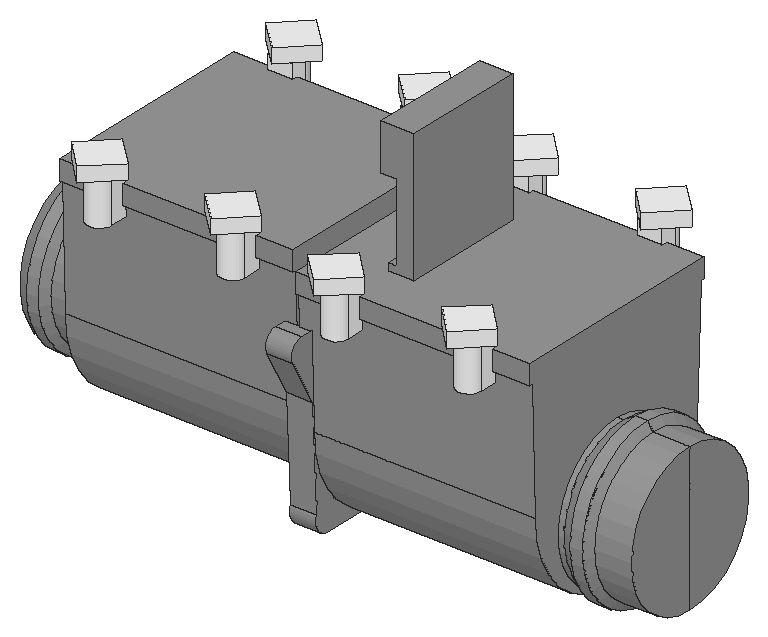
Revit family "HL_Механический канализационный затвор_HL710.2", category Příslušenství trubek, Revit 2016
Family settings
  Typ součásti = Normální
  Kóta kulaté spojky = Použít průměr
  Číslo OmniClass = 23.65.55.14.21
  Nadpis OmniClass = Non-Return Valves for Liquid Services
  Založené na pracovní rovině = Ne
  Vždy vertikální = Ano
  Ořezat dutým tvarem při načtení = Ne
  Sdílené = Ne
Parameters
  РАЗМЕР = "DN110"
  ПРОПУСКНАЯ СПОСОБНОСТЬ [instance] = 0.0 m³/h
  ПРАВОВАЯ ИНФОРМАЦИЯ = "\"Copyright (©), design rights or any other intellectual property rights, shall be the exclusive property of HL Hutterer & Lechner GmbH. Modification is not allowed. Family has been watermarked.\""
  ПАДЕНИЕ ДАВЛЕНИЯ [instance] = 0.0 Pa
  НОМИНАЛЬНЫЙ ДИАМЕТР 2 = 110 mm
  НОМИНАЛЬНЫЙ ДИАМЕТР = 110 mm
  МАТЕРИАЛ = "ABS"
  ВЫСОТА МОНТАЖА = "320 mm"
  ВЕС = "3,23 kg"
  Výrobce = "HL Hutterer & Lechner GmbH"
  URL = "http://www.hutterer-lechner.com/en/products/catalog/roof-drains/HL710.2.aspx"
  Description = "Anti flood valves"
  Model = "HL710.2"
  Type Comments = "anti-flood valve DN110 with 2 stainless steel flaps and manual blocking"
  Keynote = "HL710.2"
  EAN = "9003076971022"
  Cena = 0
Types (2, lengths in mm): name | ПРАВОВАЯ ИНФОРМАЦИЯ | URL | Description | Type Comments
  (no name) | "\"Copyright (©), design rights or any other intellectual property rights, shall be the exclusive property of HL Hutterer & Lechner GmbH. Modification is not allowed. Family has been watermarked.\"" | "http://www.hutterer-lechner.com/en/products/catalog/roof-drains/HL710.2.aspx" | "Anti flood valves" | "anti-flood valve DN110 with 2 stainless steel flaps and manual blocking"
  HL_Механический канализационный затвор_HL710.2 | "\"Авторские права(©), права на дизайн или какие либо другие права интелектуальной собственности являются исключительной собственностью компании HL Hutterer & Lechner. Изменению не подлежит. Файл семейства с данными о прозводителе изделия защищен паролем с водяным знаком.\"" | "http://www.hutterer-lechner.com/ru/products/catalog/roof-drains/HL710.2.aspx" | "Механический канализационный затвор" | "Механический канализационный затвор DN110 с 2 заслонками из нержавеющей стали и ручным затвором."
Reference planes
  plane 1 "Střed (vpředu/vzadu)": y = 0
  plane 2: z = 0
  plane 3 "Střed (vlevo/vpravo)": x = 0
Forms (mm)
  Sweep 1, solid, material "Plastic - Orange", detail levels fine
    path origin (291.79, -0.031, 108.14) x (1, 0, 0) y (0, 1, 0)
      loop
        line (94.75, 0) -> (-94.75, 0)
    profile origin (291.79, -0.031, 108.14) x (0, -1, 0) y (0, 0, 1)
      loop
        line (0, 0) -> (-88.191, 0) -> (-88.191, -16) -> (-85.007, -16) -> (-81.517, -115.939)
        arc (-81.517, -115.939) -> (-58.546, -174.931) -> (0, -199.017) r 80.412
        arc (0, -199.017) -> (58.546, -174.931) -> (81.517, -115.939) r 80.412
        line (81.517, -115.939) -> (85.007, -16) -> (88.191, -16) -> (88.191, 0) -> (0, 0)
  Extrusion 2, solid, material "Plactic - White", detail levels fine
    sketch origin (291.79, -0.031, 108.14) x (1, 0, 0) y (0, 1, 0)
      loop
        line (54, -121.127) -> (76.627, -98.5) -> (54, -75.873) -> (31.373, -98.5) -> (54, -121.127)
    from 11.235 to 23.235
  Extrusion 3, solid, material "Plactic - White", detail levels fine
    sketch origin (291.79, -0.031, 119.375) x (0, 1, 0) y (1, 0, 0)
      loop
        arc (-98.5, 64) -> (-108.5, 54) -> (-98.5, 44) r 10
        line (-98.5, 44) -> (-84.694, 44) -> (-84.694, 64) -> (-98.5, 64)
    from 0 to 37.235
  Extrusion 4, solid, material "Plactic - White", detail levels fine
    sketch origin (183.79, -0.031, 108.14) x (1, 0, 0) y (0, 1, 0)
      loop
        line (54, -121.127) -> (76.627, -98.5) -> (54, -75.873) -> (31.373, -98.5) -> (54, -121.127)
    from 11.235 to 23.235
  Extrusion 5, solid, material "Plactic - White", detail levels fine
    sketch origin (183.79, -0.031, 119.375) x (0, 1, 0) y (1, 0, 0)
      loop
        arc (-98.5, 64) -> (-108.5, 54) -> (-98.5, 44) r 10
        line (-98.5, 44) -> (-84.694, 44) -> (-84.694, 64) -> (-98.5, 64)
    from 0 to 37.235
  Extrusion 6, solid, material "Plactic - White", detail levels fine
    sketch origin (291.79, -0.031, 108.14) x (1, 0, 0) y (0, 1, 0)
      loop
        line (54, 121.127) -> (31.373, 98.5) -> (54, 75.873) -> (76.627, 98.5) -> (54, 121.127)
    from 11.235 to 23.235
  Extrusion 7, solid, material "Plactic - White", detail levels fine
    sketch origin (291.79, -0.031, 119.375) x (0, -1, 0) y (1, 0, 0)
      loop
        arc (-98.5, 64) -> (-108.5, 54) -> (-98.5, 44) r 10
        line (-98.5, 44) -> (-84.694, 44) -> (-84.694, 64) -> (-98.5, 64)
    from 0 to 37.235
  Extrusion 8, solid, material "Plactic - White", detail levels fine
    sketch origin (183.79, -0.031, 108.14) x (1, 0, 0) y (0, 1, 0)
      loop
        line (54, 121.127) -> (31.373, 98.5) -> (54, 75.873) -> (76.627, 98.5) -> (54, 121.127)
    from 11.235 to 23.235
  Extrusion 9, solid, material "Plactic - White", detail levels fine
    sketch origin (183.79, -0.031, 119.375) x (0, 1, 0) y (1, 0, 0)
      loop
        line (98.5, 64) -> (84.694, 64) -> (84.694, 44) -> (98.5, 44)
        arc (98.5, 44) -> (108.5, 54) -> (98.5, 64) r 10
    from 0 to 37.235
  Sweep 10, solid, material "Plastic - Orange", not visible, detail levels fine
    path origin (291.79, -0.031, 108.14) x (1, 0, 0) y (0, 0, 1)
      loop
        line (154.383, -137.5) -> (94.75, -137.5)
    profile origin (416.356, -0.031, -29.36) x (0, 0, -1) y (0, -1, 0)
      loop
        circle (0, 0) r 55
  Extrusion 11, solid, material "Plastic - Red", detail levels fine
    sketch origin (294.392, 0, 108.14) x (1, 0, 0) y (0, 0, 1)
      loop
        line (-32.383, 106.5) -> (-58.883, 106.5) -> (-58.883, 69) -> (-46.383, 69) -> (-46.383, 5.902) -> (-52.472, 5.902) -> (-52.472, 0) -> (-32.383, 0) -> (-32.383, 106.5)
    from -50 to 50
  Sweep 12, solid, material "Plastic - Orange", detail levels fine
    path origin (99.75, -0.031, 123.14) x (1, 0, 0) y (0, 1, 0)
      loop
        line (94.75, 0) -> (-94.75, 0)
    profile origin (99.75, -0.031, 123.14) x (0, -1, 0) y (0, 0, 1)
      loop
        line (0, 0) -> (-88.191, 0) -> (-88.191, -16) -> (-85.007, -16) -> (-81.517, -115.939)
        arc (-81.517, -115.939) -> (-58.546, -174.931) -> (0, -199.017) r 80.412
        arc (0, -199.017) -> (58.546, -174.931) -> (81.517, -115.939) r 80.412
        line (81.517, -115.939) -> (85.007, -16) -> (88.191, -16) -> (88.191, 0) -> (0, 0)
  Extrusion 13, solid, material "Plactic - White", detail levels fine
    sketch origin (99.75, -0.031, 123.14) x (1, 0, 0) y (0, 1, 0)
      loop
        line (54, -121.127) -> (76.627, -98.5) -> (54, -75.873) -> (31.373, -98.5) -> (54, -121.127)
    from 11.235 to 23.235
  Extrusion 14, solid, material "Plactic - White", detail levels fine
    sketch origin (99.75, -0.031, 134.375) x (0, 1, 0) y (1, 0, 0)
      loop
        arc (-98.5, 64) -> (-108.5, 54) -> (-98.5, 44) r 10
        line (-98.5, 44) -> (-84.694, 44) -> (-84.694, 64) -> (-98.5, 64)
    from 0 to 37.235
  Extrusion 15, solid, material "Plactic - White", detail levels fine
    sketch origin (-8.25, -0.031, 123.14) x (1, 0, 0) y (0, 1, 0)
      loop
        line (54, -121.127) -> (76.627, -98.5) -> (54, -75.873) -> (31.373, -98.5) -> (54, -121.127)
    from 11.235 to 23.235
  Extrusion 16, solid, material "Plactic - White", detail levels fine
    sketch origin (-8.25, -0.031, 134.375) x (0, 1, 0) y (1, 0, 0)
      loop
        arc (-98.5, 64) -> (-108.5, 54) -> (-98.5, 44) r 10
        line (-98.5, 44) -> (-84.694, 44) -> (-84.694, 64) -> (-98.5, 64)
    from 0 to 37.235
  Extrusion 17, solid, material "Plactic - White", detail levels fine
    sketch origin (99.75, -0.031, 123.14) x (1, 0, 0) y (0, 1, 0)
      loop
        line (54, 121.127) -> (31.373, 98.5) -> (54, 75.873) -> (76.627, 98.5) -> (54, 121.127)
    from 11.235 to 23.235
  Extrusion 18, solid, material "Plactic - White", detail levels fine
    sketch origin (99.75, -0.031, 134.375) x (0, -1, 0) y (1, 0, 0)
      loop
        arc (-98.5, 64) -> (-108.5, 54) -> (-98.5, 44) r 10
        line (-98.5, 44) -> (-84.694, 44) -> (-84.694, 64) -> (-98.5, 64)
    from 0 to 37.235
  Extrusion 19, solid, material "Plactic - White", detail levels fine
    sketch origin (-8.25, -0.031, 123.14) x (1, 0, 0) y (0, 1, 0)
      loop
        line (54, 121.127) -> (31.373, 98.5) -> (54, 75.873) -> (76.627, 98.5) -> (54, 121.127)
    from 11.235 to 23.235
  Extrusion 20, solid, material "Plactic - White", detail levels fine
    sketch origin (-8.25, -0.031, 134.375) x (0, 1, 0) y (1, 0, 0)
      loop
        line (98.5, 64) -> (84.694, 64) -> (84.694, 44) -> (98.5, 44)
        arc (98.5, 44) -> (108.5, 54) -> (98.5, 64) r 10
    from 0 to 37.235
  Revolve 21, solid, material "Plastic - Orange", detail levels fine
    sketch origin (99.75, -0.031, 123.14) x (1, 0, 0) y (0, 0, 1)
      loop
        line (-149.117, -123.14) -> (-94.75, -123.14) -> (-94.75, -63.685) -> (-124.977, -63.685) -> (-129.134, -56.965) -> (-139.134, -56.965) -> (-149.117, -63.14) -> (-149.117, -123.14)
      axis (-94.75, -123.14) -> (-149.117, -123.14)
    angle from 0 to 360
  Extrusion 22, solid, material "Plastic - Orange", detail levels fine
    sketch origin (198.153, 0, 123.14) x (0, 1, 0) y (0, 0, 1)
      loop
        line (0, -56.5) -> (-93.75, -56.5)
        arc (-93.75, -56.5) -> (-102.843, -61.75) -> (-102.843, -72.25) r 10.5
        line (-102.843, -72.25) -> (-83.203, -108.667) -> (-78.818, -192.347)
        arc (-78.818, -192.347) -> (-77.775, -203.969) -> (-67.5, -209.5) r 12.31
        line (-67.5, -209.5) -> (0, -209.5) -> (67.5, -209.5)
        arc (67.5, -209.5) -> (77.775, -203.969) -> (78.818, -192.347) r 12.31
        line (78.818, -192.347) -> (83.203, -108.667) -> (102.843, -72.25)
        arc (102.843, -72.25) -> (102.843, -61.75) -> (93.75, -56.5) r 10.5
        line (93.75, -56.5) -> (0, -56.5)
    from -12.945 to 8.055
  Revolve 23, solid, material "Plastic - Orange", detail levels fine
    sketch origin (540.923, -0.031, 93.78) x (1, 0, 0) y (0, 0, 1)
      loop
        line (-154.383, -123.14) -> (-94.75, -123.14) -> (-94.75, -63.685) -> (-124.977, -63.685) -> (-129.134, -56.965) -> (-139.134, -56.965) -> (-149.117, -63.14) -> (-154.383, -63.14) -> (-154.383, -123.14)
      axis (-94.75, -123.14) -> (-154.383, -123.14)
    angle from 0 to 360
Lines and regions (mm)
  model lines, style "Symbol", detail levels coarse+medium
    curve 1: line (0, 0, 0) -> (446.173, 0, -30.247)
    curve 2: line (348.086, 0, -75.123) -> (348.086, 0, 44.877)
    curve 3: line (348.086, 0, 44.877) -> (98.086, 0, 44.877)
    curve 4: line (98.086, 0, -75.123) -> (98.086, 0, 44.877)
    curve 13: line (348.086, 0, -75.123) -> (98.086, 0, -75.123)
  symbolic lines, style "Symbol", detail levels coarse+medium
    curve 5: line (446.173, 0, 0) -> (0, 0, 0)
    curve 6: line (348.086, -60, 0) -> (348.086, 60, 0)
    curve 7: line (348.086, 60, 0) -> (98.086, 60, 0)
    curve 8: line (98.086, -60, 0) -> (98.086, 60, 0)
    curve 9: line (223.086, -105, 0) -> (223.086, 105, 0)
    curve 10: line (348.086, -60, 0) -> (98.086, -60, 0)
  model lines, detail levels coarse+medium
    curve 11: line (223.086, 0, -15.123) -> (223.086, 0, 89.877)
    curve 12: line (223.086, 0, -120.123) -> (223.086, 0, -15.123)
Dimensions and locks
  aligned and locked: level to plane 2
Connectors
  piping at (0, 0, 0), diameter 110, driven by "ПАДЕНИЕ ДАВЛЕНИЯ", driven by "НОМИНАЛЬНЫЙ ДИАМЕТР", driven by "ПРОПУСКНАЯ СПОСОБНОСТЬ"
    settings: on plane 3 "Střed (vlevo/vpravo)", index 1, connector inside diameter 609.6 mm, connector length 0 mm, flow factor 0, pipe flow 0.0 m³/h, pressure drop 0.0 Pa, fitting loss kfactor 0, connector angle 0.00°, fixture units 0, engagement length 0 mm, angle of deflection 0.00°, flow configuration 0, flow direction 0, fitting loss method 4, system type 16, joint type 0, gender type 0, connector reference index -1, connector utility 0, adjustable connector no, is connector primary yes, connector description ""
  piping at (446.173, -0.031, -29.36), diameter 110, driven by "НОМИНАЛЬНЫЙ ДИАМЕТР 2", driven by "ПРОПУСКНАЯ СПОСОБНОСТЬ"
    settings: on Sweep 10, index 2, connector inside diameter 609.6 mm, connector length 0 mm, flow factor 0, pipe flow 0.0 m³/h, pressure drop 0.0 Pa, fitting loss kfactor 0, connector angle 0.00°, fixture units 0, engagement length 0 mm, angle of deflection 0.00°, flow configuration 1, flow direction 2, fitting loss method 4, system type 16, joint type 0, gender type 0, connector reference index -1, connector utility 0, adjustable connector no, is connector primary no, connector description ""
